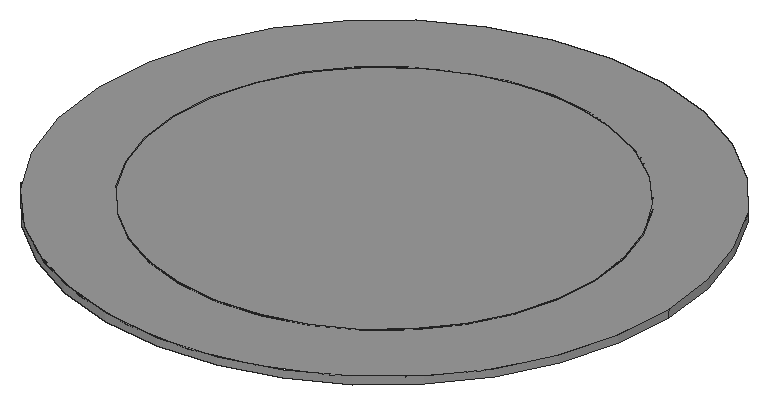
Revit family "LAMP_ARO IP54 860614X", category Modelos genéricos, Revit 2015
Parameters (values of type "WHITE")
  Weight = 0.218 kg
  Protection rating = "IP54"
  Product datasheet = "https://www.lamp.es/product-files/TECH/DITRRD240W-EN.pdf"
  Product code = "DITRRD240W"
  Modelo = Product code  # "DITRRD240W"
  Model explanation = "Availability of switching between accessories through visibility parameters when placed in a project."
  Material Cristal = LAMP_CRISTAL ARO
  Material Aro = LAMP_PC Kombic Aro BL
  Manufacturer name = "LAMP"
  Manufacturer country = "Spain"
  Manufacturer URL = "http://www.lamp.es/en"
  Luminaire type = "Accessory"
  Last update = "22/05/2020"
  Installation instructions = ""
  Grosor aro = 3 mm
  Finish = "Matt white"
  Fabricante = Manufacturer name  # "LAMP"
  Diameter = 174 mm
  Descripción = "DOMO 220 ACC.TRANSP GLASS WH."
  Comentarios de tipo = Model explanation  # "Availability of switching between accessories through visibility parameters when placed in a project."
Types (4, lengths in mm): name | Product datasheet | Product code | Modelo | Material Aro | Finish | Descripción
  (no name) | "https://www.lamp.es/product-files/TECH/DITRRD240W-EN.pdf" | "DITRRD240W" | "DITRRD240W" | LAMP_PC Kombic Aro BL | "Matt white" | "DOMO 220 ACC.TRANSP GLASS WH."
  WHITE | "https://www.lamp.es/product-files/TECH/DITRRD240W-EN.pdf" | "DITRRD240W" | "DITRRD240W" | LAMP_PC Kombic Aro BL | "Matt white" | "DOMO 220 ACC.TRANSP GLASS WH."
  GREY | "https://www.lamp.es/product-files/TECH/DITRRD240G-EN.pdf" | "DITRRD240G" | "DITRRD240G" | LAMP_PC Kombic Aro GR | "Gloss grey" | "DOMO 220 ACC.TRANSP GLASS GR."
  BLACK | "https://www.lamp.es/product-files/TECH/DITRRD240B-EN.pdf" | "DITRRD240B" | "DITRRD240B" | LAMP_PC Kombic Aro NG | "Matte black RAL 9011" | "DOMO 220 ACC.TRANSP GLASS BK."
Reference planes
  plane 1 "Centro (Frontal/Posterior)": y = 0
  plane 2: z = 0
  plane 3 "Centro (Izquierda/Derecha)": x = 0
  plane 4: z = 3
Forms (mm)
  Extrusion 1, solid, material "LAMP_PC Kombic Aro BL" <- "Material Aro"
    sketch origin (0, 0, 0) x (1, 0, 0) y (0, 1, 0)
      loop
        circle (0, 0) r 113
      loop
        circle (0, 0) r 83.5
    from 0 to 3
  Extrusion 2, solid, material "LAMP_CRISTAL ARO" <- "Material Cristal"
    sketch origin (0, 0, 0) x (1, 0, 0) y (0, 1, 0)
      loop
        circle (0, 0) r 83.5
    from 1 to 3
Text (mm)
  text "Any modification of the parameters and properties of the LAMP BIM models must be executed and validated by the LAMP technical department.\n\nPhone: +34 93 736 68 00\n\nE-mail: lamp@lamp.es\n\n\n\nLAMP reserves the right to modify the technical specifications of its products." at (189.655, 51.95, 129.596), in view "Preview"
Dimensions and locks
  "Grosor aro": plane 4 to level
  aligned and locked: level to plane 2
  aligned and locked: plane 4 to Extrusion 1
  aligned and locked: Extrusion 1 to level
  aligned and locked: Extrusion 1 to plane 4
  aligned and locked: level to Extrusion 1
Automatic sketch dimensions
  Extrusion 1 sketch curve to Extrusion 1 sketch curve = 0 mm  (x2)
  plane 1 "Centro (Frontal/Posterior)" to Extrusion 1 sketch curve = 0 mm
  Extrusion 1 sketch curve to plane 3 "Centro (Izquierda/Derecha)" = 0 mm
  plane 1 "Centro (Frontal/Posterior)" to Extrusion 2 sketch curve = 0 mm
  Extrusion 2 sketch curve to plane 3 "Centro (Izquierda/Derecha)" = 0 mm
  radius of Extrusion 1 sketch curve = 113 mm
  radius of Extrusion 1 sketch curve = 83.5 mm
  radius of Extrusion 2 sketch curve = 83.5 mm
